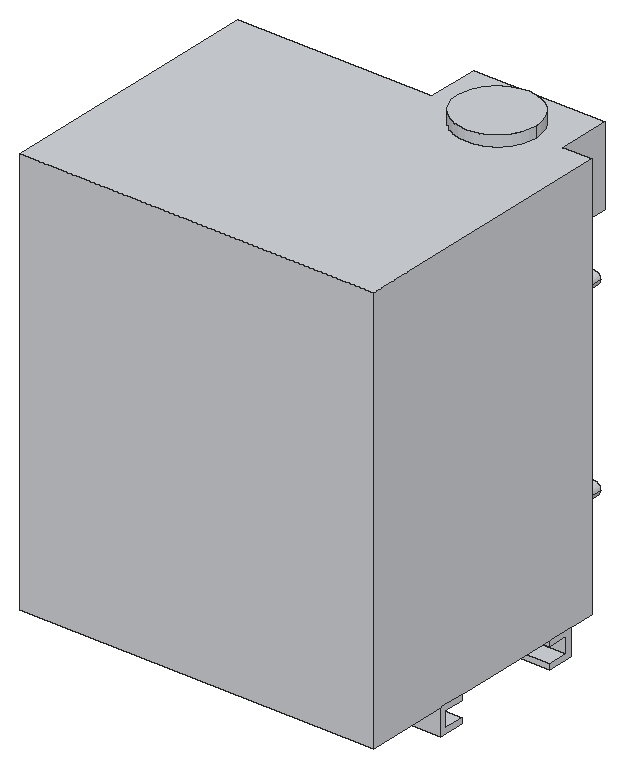
Revit family
Parameters
  (A) Ширина = 675 mm
  Наружний Радиус выпуска дыма = 75 mm
  (D) Наружний Диаметр выпуска дыма = 2 * Наружний Радиус выпуска дыма  # 150 mm
  Model = "Медведь 40 KLO"
  Manufacturer = "Protherm"
  (C) Глубина = 620 mm
  (B) = 180 mm
Reference planes
  plane 1 "По центру (Вперед/Назад)": y = 0
  plane 2: z = 0
  plane 3 "По центру (Влево/Вправо)": x = 0
  plane 4: x = -337.5
  plane 5: y = 310
  plane 6: x = 337.5
  plane 7: y = -310
  plane 8: z = 830
  plane 9: z = 50
  plane 10: y = 210
  plane 11: x = 32.5
  plane 12: x = 157.5
  plane 13: x = 282.5
  plane 14: z = 593
  plane 15: z = 233
  plane 16: x = -317.5
  plane 17: x = 302.5
  plane 18: z = 460
Forms (mm)
  Extrusion 1, solid
    sketch origin (0, 0, 0) x (1, 0, 0) y (0, 1, 0)
      loop
        line (-337.5, 210) -> (-337.5, -310) -> (337.5, -310) -> (337.5, 210) -> (-337.5, 210)
    from 50 to 830
  Extrusion 2, solid
    sketch origin (0, 0, 0) x (1, 0, 0) y (0, 0, 1)
      loop
        line (282.5, 830) -> (32.5, 830) -> (32.5, 680) -> (282.5, 680) -> (282.5, 830)
    from -310 to -210
  Extrusion 3, solid
    sketch origin (0, 0, 0) x (1, 0, 0) y (0, 1, 0)
      loop
        circle (157.5, 210) r 75
    from 830 to 850
  Extrusion 4, solid
    sketch origin (0, 0, 0) x (0, 1, 0) y (0, 0, 1)
      loop
        line (-150, 50) -> (-150, 0) -> (-100, 0) -> (-100, 50) -> (-150, 50)
      loop
        line (110, 0) -> (160, 0) -> (160, 50) -> (110, 50) -> (110, 0)
    from -337.5 to 337.5
  Extrusion 5, void
    sketch origin (0, 0, 0) x (0, 1, 0) y (0, 0, 1)
      loop
        line (110, 39.746) -> (110, 9.746) -> (150, 9.746) -> (150, 39.746) -> (110, 39.746)
    from -337.5 to 337.5
  Extrusion 6, void
    sketch origin (0, -250, 0) x (0, 1, 0) y (0, 0, 1)
      loop
        line (110, 39.746) -> (110, 9.746) -> (150, 9.746) -> (150, 39.746) -> (110, 39.746)
    from -337.5 to 337.5
  Extrusion 7, solid
    sketch origin (0, 0, 0) x (1, 0, 0) y (0, 0, 1)
      loop
        circle (302.5, 593) r 12.54
      loop
        circle (302.5, 233) r 12.52
    from -259.576 to -210
  Extrusion 8, solid
    sketch origin (0, 0, 0) x (1, 0, 0) y (0, 0, 1)
      loop
        circle (-317.5, 460) r 10
    from -270.142 to -210
Cuts and joins
  joined: Extrusion 1, Extrusion 2
  Extrusion 5, Extrusion 6 cuts Extrusion 4
Lines and regions (mm)
  symbolic lines
    curve 1: line (-337.5, 210, 0) -> (32.5, 210, 0)
    curve 2: line (-337.5, -310, 0) -> (-337.5, 210, 0)
    curve 3: line (337.5, -310, 0) -> (-337.5, -310, 0)
    curve 4: line (337.5, 210, 0) -> (337.5, -310, 0)
    curve 5: line (282.5, 210, 0) -> (337.5, 210, 0)
    curve 6: line (32.5, 210, 0) -> (32.5, 310, 0)
    curve 7: line (32.5, 310, 0) -> (282.5, 310, 0)
    curve 8: line (282.5, 310, 0) -> (282.5, 210, 0)
    curve 9: circle (157.5, 210, 0) r 75 normal (0, 0, 1)
Dimensions and locks
  "(A) Ширина": plane 4 to plane 6
  equal spacing: plane 4, plane 3 "По центру (Влево/Вправо)", plane 6
  "(C) Глубина": plane 5 to plane 7
  equal spacing: plane 5, plane 1 "По центру (Вперед/Назад)", plane 7
  locked: plane 8 to level at 830
  locked: plane 9 to level at 50
  locked: plane 5 to plane 10 at 100
  plane 11 to plane 13 = 250 mm
  plane 11 to plane 12 to plane 13 = 125 mm, 125 mm
  "(B)": plane 12 to plane 6
  locked: plane 17 to plane 6 at 35
  locked: level to plane 15 at 233
  locked: plane 15 to plane 14 at 360
  locked: level to plane 18 at 460
  locked: Extrusion 7 to plane 10 at 49.576
  locked: Extrusion 8 to plane 10 at 60.142
  locked: plane 4 to plane 16 at 20
  aligned and locked: plane 4 to curve 1
  aligned and locked: plane 10 to curve 1
  aligned and locked: plane 7 to curve 4
  aligned and locked: plane 6 to curve 4
  aligned and locked: curve 2 to Extrusion 1 sketch curve
  aligned and locked: Extrusion 1 sketch curve to curve 1
  aligned and locked: Extrusion 1 sketch curve to curve 3
  aligned and locked: Extrusion 1 sketch curve to curve 4
  aligned and locked: plane 8 to Extrusion 1
  aligned and locked: Extrusion 1 to plane 9
  aligned and locked: Extrusion 1 to plane 4
  aligned and locked: Extrusion 1 to plane 6
  aligned and locked: plane 13 to Extrusion 2 sketch curve
  aligned and locked: plane 8 to Extrusion 2 sketch curve
  aligned and locked: Extrusion 2 sketch curve to plane 11
  aligned and locked: plane 10 to Extrusion 2
  aligned and locked: Extrusion 3 to plane 8
  aligned and locked: Extrusion 4 to plane 4
  aligned and locked: Extrusion 4 to plane 6
  aligned and locked: plane 9 to Extrusion 4  (x2)
  aligned and locked: Extrusion 4 to level  (x2)
  aligned and locked: Extrusion 5 to plane 4
  aligned and locked: Extrusion 5 to plane 6
  aligned and locked: plane 10 to Extrusion 8
  aligned and locked: plane 10 to Extrusion 7
  aligned and locked: Extrusion 8 to cut or joined group of Extrusion 1, Extrusion 2
Automatic sketch dimensions
  curve 7 to plane 5 = 0 mm
  curve 7 to plane 11 = 0 mm
  plane 10 to curve 9 = 0 mm
  curve 9 to plane 12 = 0 mm
  plane 10 to curve 8 = 0 mm
  curve 8 to plane 13 = 0 mm
  Extrusion 2 sketch curve to plane 8 = 150 mm
  plane 10 to Extrusion 3 sketch curve = 0 mm
  Extrusion 3 sketch curve to plane 12 = 0 mm
  Extrusion 4 sketch curve to level = 0 mm  (x2)
  Extrusion 4 sketch curve to plane 9 = 0 mm  (x2)
  plane 1 "По центру (Вперед/Назад)" to Extrusion 4 sketch curve = 150 mm
  Extrusion 4 sketch curve to Extrusion 4 sketch curve = 50 mm
  plane 10 to Extrusion 4 sketch curve = 100 mm
  plane 10 to Extrusion 4 sketch curve = 50 mm
  level to Extrusion 5 sketch curve = 9.746 mm
  plane 10 to Extrusion 5 sketch curve = 100 mm
  Extrusion 5 sketch curve to Extrusion 5 sketch curve = 40 mm
  Extrusion 5 sketch curve to plane 9 = 10.254 mm
  level to Extrusion 6 sketch curve = 9.746 mm
  plane 1 "По центру (Вперед/Назад)" to Extrusion 6 sketch curve = 140 mm
  Extrusion 6 sketch curve to Extrusion 6 sketch curve = 40 mm
  Extrusion 6 sketch curve to plane 9 = 10.254 mm
  Extrusion 7 sketch curve to plane 15 = 0 mm
  plane 17 to Extrusion 7 sketch curve = 0 mm  (x2)
  Extrusion 7 sketch curve to plane 14 = 0 mm
  plane 16 to Extrusion 8 sketch curve = 0 mm
  Extrusion 8 sketch curve to plane 18 = 0 mm
  radius of curve 9 = 75 mm
  radius of Extrusion 3 sketch curve = 75 mm
  radius of Extrusion 7 sketch curve = 12.54 mm
  radius of Extrusion 7 sketch curve = 12.52 mm
  radius of Extrusion 8 sketch curve = 10 mm
Connectors
  hvac at (157.5, 210, 850), driven by "Наружний Радиус выпуска дыма"
    settings: on Extrusion 3, index 1
  piping at (-317.5, 270.142, 460)
    settings: on Extrusion 8, index 2
  piping at (302.5, 259.576, 593)
    settings: on Extrusion 7, index 3
  piping at (302.5, 259.576, 233)
    settings: on Extrusion 7, index 4
